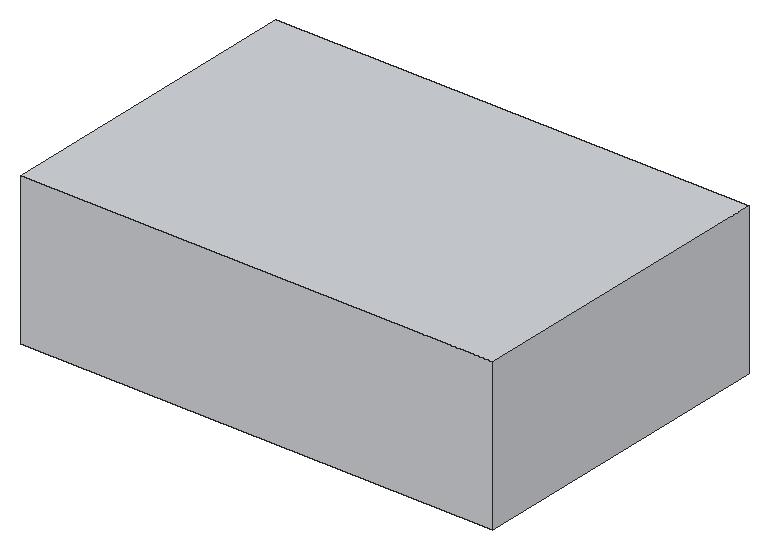
Revit family "StructuralFoundations_PileFoundation-Freeform", category Structural Foundations, Revit 2022
Family settings
  Material for Model Behavior = Concrete
  Cap = Yes
  OmniClass Number = 23.25.05.00
  OmniClass Title = Foundations
  Work Plane-Based = Yes
  Always vertical = Yes
  Cut with Voids When Loaded = No
  Shared = Yes
Parameters (values of type "PileFoundation_Freeform")
  Width = 0 mm
  Void Position Top = ((Depth - Pile Embedment) * -1)  # -925 mm
  VL_STR/GEO DA1 COMB 2 Min (kN) [instance] = ""
  VL_STR/GEO DA1 COMB 2 Max (kN) [instance] = ""
  VL_STR/GEO DA1 COMB 1 Min (kN) [instance] = ""
  VL_STR/GEO DA1 COMB 1 Max (kN) [instance] = ""
  VL_SLS Min (kN) [instance] = ""
  VL_SLS Max (kN) [instance] = ""
  VL_ADD. LIMIT STATE Min (kN) [instance] = ""
  VL_ADD. LIMIT STATE Max (kN) [instance] = ""
  Tension/Compression [instance] = ""
  Structural Material = <By Category>
  Radius = 250 mm
  Pile Insertion Vertical Offset = Depth * -1  # -1000 mm
  Pile Embedment Numerical = Pile Embedment / 1 mm  # 75
  Pile Embedment = 75 mm  # constant formula
  Pile Depth Numerical [instance] = Pile Depth / 1 mm  # 1000
  Pile Depth [instance] = 1000 mm
  ML_STR/GEO DA1 COMB 2 Max (kNm) [instance] = ""
  ML_STR/GEO DA1 COMB 1 Max (kNm) [instance] = ""
  ML_SLS Max (kNm) [instance] = ""
  ML_ADD. LIMIT STATE Max (kNm) [instance] = ""
  Length = 0 mm
  HL_STR/GEO DA1 COMB 2 Max (kN) [instance] = ""
  HL_STR/GEO DA1 COMB 1 Max (kN) [instance] = ""
  HL_SLS Max (kN) [instance] = ""
  HL_ADD. LIMIT STATE Max (kN) [instance] = ""
  Foundation Thickness = Depth  # 1000 mm
  Diameter = Radius * 2  # 500 mm
  Depth = 1000 mm
  Default Elevation = 1219.2 mm
  Assembly Code = ""
Reference planes
  plane 1 "Center (Front/Back)": y = 0
  plane 2: z = 0
  plane 3 "Center (Left/Right)": x = 0
  plane 4: x = -750
  plane 5: x = 750
  plane 6: y = 750
  plane 7: y = -750
Forms (mm)
  Extrusion 1, solid
    sketch origin (-77.171, 589.809, 0) x (1, 0, 0) y (0, 1, 0)
      loop
        line (-1495.657, 470.382) -> (-1495.657, -1650) -> (1650, -1650) -> (1650, 470.382) -> (-1495.657, 470.382)
    from -1000 to 0
  Extrusion 2, void
    sketch origin (0, 0, 0) x (1, 0, 0) y (0, 1, 0)
      loop
        circle (-1195.348, 748.916) r 250
    from -1000 <- "Pile Insertion Vertical Offset" to -925 <- "Void Position Top"
Cuts and joins
  Extrusion 2 cuts Extrusion 1
Dimensions and locks
  equal spacing: plane 4, plane 3 "Center (Left/Right)", plane 5
  "Depth": plane 2 to Extrusion 1
  equal spacing: Extrusion 1, plane 3 "Center (Left/Right)", Extrusion 1
  equal spacing: Extrusion 1, plane 1 "Center (Front/Back)", Extrusion 1
  equal spacing: plane 7, plane 1 "Center (Front/Back)", plane 6
  "Radius": radius of Extrusion 2 sketch curve
Automatic sketch dimensions
  Extrusion 1 sketch curve to plane 7 = 310.191 mm
  Extrusion 1 sketch curve to plane 4 = 822.829 mm
  plane 6 to Extrusion 1 sketch curve = 310.191 mm
  plane 5 to Extrusion 1 sketch curve = 822.829 mm
  Extrusion 2 sketch curve to plane 6 = 1.084 mm
  Extrusion 2 sketch curve to plane 4 = 445.348 mm
Nested families
  nested 1: "StructuralFoundations_PileFoundation_Pile" at (-1191.89, 750, -1000), Height Offset From Level <- "Pile Insertion Vertical Offset", HL_ADD. LIMIT STATE Max (kN) <- "HL_ADD. LIMIT STATE Max (kN)", HL_SLS Max (kN) <- "HL_SLS Max (kN)", HL_STR/GEO DA1 COMB 1 Max (kN) <- "HL_STR/GEO DA1 COMB 1 Max (kN)", HL_STR/GEO DA1 COMB 2 Max (kN) <- "HL_STR/GEO DA1 COMB 2 Max (kN)", ML_ADD. LIMIT STATE Max (kNm) <- "ML_ADD. LIMIT STATE Max (kNm)", ML_SLS Max (kNm) <- "ML_SLS Max (kNm)", ML_STR/GEO DA1 COMB 1 Max (kNm) <- "ML_STR/GEO DA1 COMB 1 Max (kNm)", ML_STR/GEO DA1 COMB 2 Max (kNm) <- "ML_STR/GEO DA1 COMB 2 Max (kNm)", Tension/Compression <- "Tension/Compression", VL_ADD. LIMIT STATE Max (kN) <- "VL_ADD. LIMIT STATE Max (kN)", VL_ADD. LIMIT STATE Min (kN) <- "VL_STR/GEO DA1 COMB 1 Min (kN)", VL_SLS Max (kN) <- "VL_SLS Max (kN)", VL_SLS Min (kN) <- "VL_SLS Min (kN)", VL_STR/GEO DA1 COMB 1 Max (kN) <- "VL_STR/GEO DA1 COMB 1 Max (kN)", VL_STR/GEO DA1 COMB 1 Min (kN) <- "VL_STR/GEO DA1 COMB 1 Min (kN)", VL_STR/GEO DA1 COMB 2 Max (kN) <- "VL_STR/GEO DA1 COMB 2 Max (kN)", VL_STR/GEO DA1 COMB 2 Min (kN) <- "VL_STR/GEO DA1 COMB 2 Min (kN)", Pile Depth <- "Pile Depth", type "Freeform_Pile"
    with VL_STR/GEO DA1 COMB 2 Min (kN) "", VL_STR/GEO DA1 COMB 2 Max (kN) "", VL_STR/GEO DA1 COMB 1 Min (kN) "", VL_STR/GEO DA1 COMB 1 Max (kN) "", VL_SLS Min (kN) "", VL_SLS Max (kN) "", VL_ADD. LIMIT STATE Min (kN) "", VL_ADD. LIMIT STATE Max (kN) "", Tension/Compression "", Pile Length 1075 mm, Pile Embedment Numerical 75, Pile Embedment 75 mm, Pile Depth Numerical 1000, Pile Depth 1000 mm, ML_STR/GEO DA1 COMB 2 Max (kNm) "", ML_STR/GEO DA1 COMB 1 Max (kNm) "", ML_SLS Max (kNm) "", ML_ADD. LIMIT STATE Max (kNm) "", Lightning Protection no, HL_STR/GEO DA1 COMB 2 Max (kN) "", HL_STR/GEO DA1 COMB 1 Max (kN) "", HL_SLS Max (kN) "", HL_ADD. LIMIT STATE Max (kN) ""
Definition of nested family "StructuralFoundations_PileFoundation_Pile"
  Parameters (values of type "Freeform_Pile")
    VL_STR/GEO DA1 COMB 2 Min (kN) [instance] = ""
    VL_STR/GEO DA1 COMB 2 Max (kN) [instance] = ""
    VL_STR/GEO DA1 COMB 1 Min (kN) [instance] = ""
    VL_STR/GEO DA1 COMB 1 Max (kN) [instance] = ""
    VL_SLS Min (kN) [instance] = ""
    VL_SLS Max (kN) [instance] = ""
    VL_ADD. LIMIT STATE Min (kN) [instance] = ""
    VL_ADD. LIMIT STATE Max (kN) [instance] = ""
    Type Comments = ""
    Tension/Compression [instance] = ""
    Structural Material = (empty or 0)
    Radius = 250 mm
    Pile Offset Line Vis 3Ø = no
    Pile Offset Line Vis 2.5Ø = no
    Pile Offset Line 3Ø = Diameter * 3  # 1500 mm
    Pile Offset Line 2.5Ø = Diameter * 2.5  # 1250 mm
    Pile Length [instance] = Pile Depth + Pile Embedment  # 1575 mm
    Pile Embedment Numerical [instance] = Pile Embedment / 1 mm  # 75
    Pile Embedment [instance] = 75 mm  # constant formula
    Pile Depth Numerical [instance] = Pile Depth / 1 mm  # 1500
    Pile Depth [instance] = 1500 mm
    ML_STR/GEO DA1 COMB 2 Max (kNm) [instance] = ""
    ML_STR/GEO DA1 COMB 1 Max (kNm) [instance] = ""
    ML_SLS Max (kNm) [instance] = ""
    ML_ADD. LIMIT STATE Max (kNm) [instance] = ""
    Lightning Protection [instance] = no
    Keynote = ""
    HL_STR/GEO DA1 COMB 2 Max (kN) [instance] = ""
    HL_STR/GEO DA1 COMB 1 Max (kN) [instance] = ""
    HL_SLS Max (kN) [instance] = ""
    HL_ADD. LIMIT STATE Max (kN) [instance] = ""
    Diameter = Radius * 2  # 500 mm
    Description = ""
    Assembly Code = ""
  Reference planes
    plane 1 "Center (Front/Back)": y = 0
    plane 2: z = 0
    plane 3 "Center (Left/Right)": x = 0
    plane 4: z = -1500
    plane 5: z = 75
  Forms (mm)
    Extrusion 1, solid
      sketch origin (0, 0, 0) x (1, 0, 0) y (0, 1, 0)
        loop
          circle (0, 0) r 250
      from -1500 to 75
  Lines and regions (mm)
    symbolic lines
      curve 1: line (-250, 0, 75) -> (250, 0, 75)
      curve 2: line (250, 0, 75) -> (250, 0, 0)
      curve 3: line (-250, 0, 75) -> (-250, 0, 0)
      curve 4: line (0, 250, 75) -> (0, -250, 75)
      curve 5: line (0, -250, 75) -> (0, -250, 0)
      curve 6: line (0, 250, 75) -> (0, 250, 0)
    symbolic lines, visible <- "Pile Offset Line Vis 3Ø"
      curve 7: circle (0, 0, 0) r 1500 normal (0, 0, 1)
    symbolic lines, visible <- "Pile Offset Line Vis 2.5Ø"
      curve 8: circle (0, 0, 0) r 1250 normal (0, 0, 1)
  Dimensions and locks
    equal spacing: curve 3, plane 3 "Center (Left/Right)", curve 2
    "Diameter": curve 3 to curve 2
    equal spacing: curve 6, plane 1 "Center (Front/Back)", curve 5
    "Diameter": curve 6 to curve 5
    "Pile Depth": plane 2 to plane 4
    "Pile Embedment": Extrusion 1 to level
    locked: plane 5 to plane 2 at 75
    "Radius": radius of Extrusion 1 sketch curve
    "Radius": radius of Extrusion 1
    "Pile Offset Line 3Ø": radius of curve 7
    "Pile Offset Line 2.5Ø": radius of curve 8
    aligned and locked: Extrusion 1 to plane 4
  Automatic sketch dimensions
    plane 1 "Center (Front/Back)" to Extrusion 1 sketch curve = 0 mm
    Extrusion 1 sketch curve to plane 3 "Center (Left/Right)" = 0 mm
    curve 2 to level = 0 mm
    curve 3 to level = 0 mm
    curve 5 to level = 0 mm
    curve 6 to level = 0 mm
    curve 7 to curve 8 = 0 mm  (x2)
    plane 1 "Center (Front/Back)" to curve 8 = 0 mm
    curve 8 to plane 3 "Center (Left/Right)" = 0 mm
    level to curve 2 = 75 mm
    level to curve 5 = 75 mm
